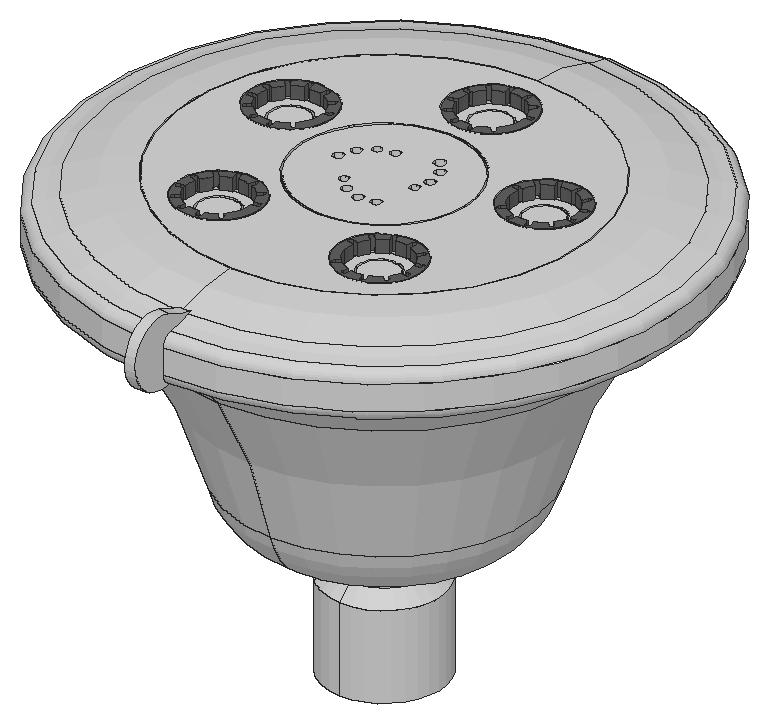
Revit family "S-3011", category Plumbing Equipment, host Face, Revit 2023
Family settings
  Host = Face
  Round Connector Dimension = Use Diameter
  Classification = None
  Part Type = Normal
  Cut with Voids When Loaded = No
  Maintain Annotation Orientation = No
  Shared = No
  Room Calculation Point = No
Parameters
  Nozzle = Rubber
  Material = Steel
  Default Elevation = 4' - 0"
Reference planes (in)
  plane 1 "Center (Front/Back)": y = 0
  plane 2: z = 0
  plane 3 "Center (Left/Right)": x = 0
  plane 4: z = 3.5
  plane 5: x = 2.25
  plane 6: x = -2.25
  plane 7: y = -2.25
  plane 8: y = 2.25
Forms (in)
  Revolve 1, solid, material "Steel" <- "Material"
    sketch origin (0, 0, 0) x (0, 1, 0) y (0, 0, 1)
      loop
        line (0.40547, 0) -> (0.43672, 0) -> (0.43672, 0.65662) -> (0.33333, 0.76001) -> (0.33333, 0.82536) -> (0.43672, 0.97123) -> (0.54599, 0.97123)
        arc (0.54599, 0.97123) -> (0.90985, 1.09652) -> (1.11944, 1.41926) r 0.59101
        arc (1.11944, 1.41926) -> (1.3323, 2.03746) -> (1.64928, 2.60931) r 3.7509
        arc (1.64928, 2.60931) -> (1.85327, 2.83592) -> (2.11178, 2.99758) r 1.09627
        line (2.11178, 2.99758) -> (2.16466, 2.99758)
        arc (2.16466, 2.99758) -> (2.225, 3.02257) -> (2.25, 3.08292) r 0.08534
        line (2.25, 3.08292) -> (2.25, 3.27717)
        arc (2.25, 3.27717) -> (2.22921, 3.333) -> (2.17696, 3.36162) r 0.08534
        arc (2.17696, 3.36162) -> (2.09, 3.37831) -> (2.00588, 3.40596) r 0.6924
        arc (2.00588, 3.40596) -> (1.76426, 3.47628) -> (1.51374, 3.5) r 1.33474
        line (1.51374, 3.5) -> (1.51374, 3) -> (0, 3) -> (0, 0.5) -> (0.40547, 0.5) -> (0.40547, 0)
      axis (0, 0) -> (0, 3.5)
    angle from 0 to 360
  Extrusion 2, solid, material "Steel" <- "Material"
    sketch origin (0, -4.67697, 3.5) x (0, -1, 0) y (1, 0, 0)
      loop
        circle (-4.67697, 0) r 1.51374
      loop
        circle (-5.00311, 1.00376) r 0.31496
      loop
        circle (-5.00311, -1.00376) r 0.31496
      loop
        circle (-5.73238, 0) r 0.31496
      loop
        circle (-3.83408, -0.63516) r 0.31496
      loop
        circle (-3.83408, 0.63516) r 0.31496
    from -0.5 to 0
  Extrusion 3, void
    sketch origin (0, -4.67697, 3.5) x (1, 0, 0) y (0, -1, 0)
      loop
        circle (0, -4.67697) r 0.64854
      loop
        circle (0, -4.67697) r 0.63291
      loop
        circle (0.18063, -5.00392) r 0.04348
      loop
        circle (0.2577, -4.90881) r 0.04
      loop
        circle (0.28558, -4.77434) r 0.0384
      loop
        circle (0.25524, -4.6612) r 0.03608
      loop
        circle (0.18145, -4.37095) r 0.03824
      loop
        circle (0.05621, -4.34841) r 0.03993
      loop
        circle (-0.06534, -4.39063) r 0.03869
      loop
        circle (-0.15717, -4.47672) r 0.03537
      loop
        circle (-0.36841, -4.68445) r 0.03935
      loop
        circle (-0.31935, -4.80306) r 0.03842
      loop
        circle (-0.22716, -4.89416) r 0.03416
      loop
        circle (-0.10856, -4.92435) r 0.03698
    from 0 to 0.1551
  Extrusion 4, solid, material "Steel" <- "Material"
    sketch origin (0, -4.67697, 3.33537) x (1, 0, 0) y (0, 1, 0)
      loop
        circle (1.00376, 5.00311) r 0.15566
      loop
        circle (1.00376, 5.00311) r 0.23622
      loop
        circle (1.00376, 5.00311) r 0.14004
    from 0.00954 to 0.07059
  Extrusion 5, solid, material "Rubber" <- "Nozzle"
    sketch origin (0, -4.67697, 3.33537) x (1, 0, 0) y (0, 1, 0)
      loop
        circle (1.00376, 5.00311) r 0.31496
      loop
        arc (1.22162, 5.0944) -> (1.20182, 5.13184) -> (1.17565, 5.16513) r 0.23622
        line (1.17565, 5.16513) -> (1.20301, 5.19552)
        arc (1.20301, 5.19552) -> (1.20156, 5.2231) -> (1.17398, 5.22165) r 0.01953
        line (1.17398, 5.22165) -> (1.1466, 5.19124)
        arc (1.1466, 5.19124) -> (1.11075, 5.21371) -> (1.07146, 5.22942) r 0.23622
        line (1.07146, 5.22942) -> (1.08002, 5.26968)
        arc (1.08002, 5.26968) -> (1.06498, 5.29285) -> (1.04181, 5.2778) r 0.01953
        line (1.04181, 5.2778) -> (1.03324, 5.23748)
        arc (1.03324, 5.23748) -> (0.99101, 5.23898) -> (0.94918, 5.23294) r 0.23622
        line (0.94918, 5.23294) -> (0.93655, 5.27183)
        arc (0.93655, 5.27183) -> (0.91194, 5.28437) -> (0.8994, 5.25976) r 0.01953
        line (0.8994, 5.25976) -> (0.91205, 5.2208)
        arc (0.91205, 5.2208) -> (0.87478, 5.20101) -> (0.84162, 5.1749) r 0.23622
        line (0.84162, 5.1749) -> (0.81084, 5.20261)
        arc (0.81084, 5.20261) -> (0.78326, 5.20117) -> (0.7847, 5.17358) r 0.01953
        line (0.7847, 5.17358) -> (0.81553, 5.14583)
        arc (0.81553, 5.14583) -> (0.79315, 5.1101) -> (0.77749, 5.07096) r 0.23622
        line (0.77749, 5.07096) -> (0.73616, 5.07974)
        arc (0.73616, 5.07974) -> (0.71299, 5.0647) -> (0.72803, 5.04154) r 0.01953
        line (0.72803, 5.04154) -> (0.7694, 5.03274)
        arc (0.7694, 5.03274) -> (0.76841, 4.98277) -> (0.77796, 4.93371) r 0.23622
        arc (0.77796, 4.93371) -> (0.79949, 4.88448) -> (0.83158, 4.84138) r 0.23622
        line (0.83158, 4.84138) -> (0.80432, 4.81111)
        arc (0.80432, 4.81111) -> (0.80577, 4.78352) -> (0.83335, 4.78497) r 0.01953
        line (0.83335, 4.78497) -> (0.86059, 4.81522)
        arc (0.86059, 4.81522) -> (0.89626, 4.79276) -> (0.93537, 4.777) r 0.23622
        line (0.93537, 4.777) -> (0.92671, 4.73629)
        arc (0.92671, 4.73629) -> (0.94176, 4.71313) -> (0.96492, 4.72817) r 0.01953
        line (0.96492, 4.72817) -> (0.97356, 4.76882)
        arc (0.97356, 4.76882) -> (1.01574, 4.76719) -> (1.05753, 4.77309) r 0.23622
        line (1.05753, 4.77309) -> (1.07036, 4.7336)
        arc (1.07036, 4.7336) -> (1.09497, 4.72106) -> (1.10751, 4.74567) r 0.01953
        line (1.10751, 4.74567) -> (1.0947, 4.78509)
        arc (1.0947, 4.78509) -> (1.13209, 4.80479) -> (1.16537, 4.83083) r 0.23622
        line (1.16537, 4.83083) -> (1.19583, 4.8034)
        arc (1.19583, 4.8034) -> (1.22341, 4.80485) -> (1.22197, 4.83243) r 0.01953
        line (1.22197, 4.83243) -> (1.19155, 4.85982)
        arc (1.19155, 4.85982) -> (1.2141, 4.89561) -> (1.2299, 4.93486) r 0.23622
        line (1.2299, 4.93486) -> (1.26934, 4.92648)
        arc (1.26934, 4.92648) -> (1.29251, 4.94152) -> (1.27746, 4.96469) r 0.01953
        line (1.27746, 4.96469) -> (1.23806, 4.97306)
        arc (1.23806, 4.97306) -> (1.23966, 5.01535) -> (1.23369, 5.05725) r 0.23622
        line (1.23369, 5.05725) -> (1.27203, 5.06974)
        arc (1.27203, 5.06974) -> (1.28455, 5.09436) -> (1.25993, 5.10688) r 0.01953
        line (1.25993, 5.10688) -> (1.22162, 5.0944)
    from 0.06203 to 0.16463
  Extrusion 6, solid, material "Steel" <- "Material"
    sketch origin (0, -4.67697, 3.33537) x (-1, 0, 0) y (0, -1, 0)
      loop
        circle (1.00376, -5.00311) r 0.15566
      loop
        circle (1.00376, -5.00311) r 0.23622
      loop
        circle (1.00376, -5.00311) r 0.14004
    from 0.00954 to 0.07059
  Extrusion 7, solid, material "Rubber" <- "Nozzle"
    sketch origin (0, -4.67697, 3.33537) x (-1, 0, 0) y (0, -1, 0)
      loop
        circle (1.00376, -5.00311) r 0.31496
      loop
        line (1.22162, -5.0944) -> (1.25993, -5.10688)
        arc (1.25993, -5.10688) -> (1.28455, -5.09436) -> (1.27203, -5.06974) r 0.01953
        line (1.27203, -5.06974) -> (1.23369, -5.05725)
        arc (1.23369, -5.05725) -> (1.23966, -5.01535) -> (1.23806, -4.97306) r 0.23622
        line (1.23806, -4.97306) -> (1.27746, -4.96469)
        arc (1.27746, -4.96469) -> (1.29251, -4.94152) -> (1.26934, -4.92648) r 0.01953
        line (1.26934, -4.92648) -> (1.2299, -4.93486)
        arc (1.2299, -4.93486) -> (1.2141, -4.89561) -> (1.19155, -4.85982) r 0.23622
        line (1.19155, -4.85982) -> (1.22197, -4.83243)
        arc (1.22197, -4.83243) -> (1.22341, -4.80485) -> (1.19583, -4.8034) r 0.01953
        line (1.19583, -4.8034) -> (1.16537, -4.83083)
        arc (1.16537, -4.83083) -> (1.13209, -4.80479) -> (1.0947, -4.78509) r 0.23622
        line (1.0947, -4.78509) -> (1.10751, -4.74567)
        arc (1.10751, -4.74567) -> (1.09497, -4.72106) -> (1.07036, -4.7336) r 0.01953
        line (1.07036, -4.7336) -> (1.05753, -4.77309)
        arc (1.05753, -4.77309) -> (1.01574, -4.76719) -> (0.97356, -4.76882) r 0.23622
        line (0.97356, -4.76882) -> (0.96492, -4.72817)
        arc (0.96492, -4.72817) -> (0.94176, -4.71313) -> (0.92671, -4.73629) r 0.01953
        line (0.92671, -4.73629) -> (0.93537, -4.777)
        arc (0.93537, -4.777) -> (0.89626, -4.79276) -> (0.86059, -4.81522) r 0.23622
        line (0.86059, -4.81522) -> (0.83335, -4.78497)
        arc (0.83335, -4.78497) -> (0.80577, -4.78352) -> (0.80432, -4.81111) r 0.01953
        line (0.80432, -4.81111) -> (0.83158, -4.84138)
        arc (0.83158, -4.84138) -> (0.79949, -4.88448) -> (0.77796, -4.93371) r 0.23622
        arc (0.77796, -4.93371) -> (0.76841, -4.98277) -> (0.7694, -5.03274) r 0.23622
        line (0.7694, -5.03274) -> (0.72803, -5.04154)
        arc (0.72803, -5.04154) -> (0.71299, -5.0647) -> (0.73616, -5.07974) r 0.01953
        line (0.73616, -5.07974) -> (0.77749, -5.07096)
        arc (0.77749, -5.07096) -> (0.79315, -5.1101) -> (0.81553, -5.14583) r 0.23622
        line (0.81553, -5.14583) -> (0.7847, -5.17358)
        arc (0.7847, -5.17358) -> (0.78326, -5.20117) -> (0.81084, -5.20261) r 0.01953
        line (0.81084, -5.20261) -> (0.84162, -5.1749)
        arc (0.84162, -5.1749) -> (0.87478, -5.20101) -> (0.91205, -5.2208) r 0.23622
        line (0.91205, -5.2208) -> (0.8994, -5.25976)
        arc (0.8994, -5.25976) -> (0.91194, -5.28437) -> (0.93655, -5.27183) r 0.01953
        line (0.93655, -5.27183) -> (0.94918, -5.23294)
        arc (0.94918, -5.23294) -> (0.99101, -5.23898) -> (1.03324, -5.23748) r 0.23622
        line (1.03324, -5.23748) -> (1.04181, -5.2778)
        arc (1.04181, -5.2778) -> (1.06498, -5.29285) -> (1.08002, -5.26968) r 0.01953
        line (1.08002, -5.26968) -> (1.07146, -5.22942)
        arc (1.07146, -5.22942) -> (1.11075, -5.21371) -> (1.1466, -5.19124) r 0.23622
        line (1.1466, -5.19124) -> (1.17398, -5.22165)
        arc (1.17398, -5.22165) -> (1.20156, -5.2231) -> (1.20301, -5.19552) r 0.01953
        line (1.20301, -5.19552) -> (1.17565, -5.16513)
        arc (1.17565, -5.16513) -> (1.20182, -5.13184) -> (1.22162, -5.0944) r 0.23622
    from 0.06203 to 0.16463
  Extrusion 8, solid, material "Steel" <- "Material"
    sketch origin (1.00376, -3.94769, 3.33537) x (-1, 0, 0) y (0, -1, 0)
      loop
        circle (1.00376, -5.00311) r 0.15566
      loop
        circle (1.00376, -5.00311) r 0.23622
      loop
        circle (1.00376, -5.00311) r 0.14004
    from 0.00954 to 0.07059
  Extrusion 9, solid, material "Rubber" <- "Nozzle"
    sketch origin (1.00376, -3.94769, 3.33537) x (-1, 0, 0) y (0, -1, 0)
      loop
        circle (1.00376, -5.00311) r 0.31496
      loop
        line (1.22162, -5.0944) -> (1.25993, -5.10688)
        arc (1.25993, -5.10688) -> (1.28455, -5.09436) -> (1.27203, -5.06974) r 0.01953
        line (1.27203, -5.06974) -> (1.23369, -5.05725)
        arc (1.23369, -5.05725) -> (1.23966, -5.01535) -> (1.23806, -4.97306) r 0.23622
        line (1.23806, -4.97306) -> (1.27746, -4.96469)
        arc (1.27746, -4.96469) -> (1.29251, -4.94152) -> (1.26934, -4.92648) r 0.01953
        line (1.26934, -4.92648) -> (1.2299, -4.93486)
        arc (1.2299, -4.93486) -> (1.2141, -4.89561) -> (1.19155, -4.85982) r 0.23622
        line (1.19155, -4.85982) -> (1.22197, -4.83243)
        arc (1.22197, -4.83243) -> (1.22341, -4.80485) -> (1.19583, -4.8034) r 0.01953
        line (1.19583, -4.8034) -> (1.16537, -4.83083)
        arc (1.16537, -4.83083) -> (1.13209, -4.80479) -> (1.0947, -4.78509) r 0.23622
        line (1.0947, -4.78509) -> (1.10751, -4.74567)
        arc (1.10751, -4.74567) -> (1.09497, -4.72106) -> (1.07036, -4.7336) r 0.01953
        line (1.07036, -4.7336) -> (1.05753, -4.77309)
        arc (1.05753, -4.77309) -> (1.01574, -4.76719) -> (0.97356, -4.76882) r 0.23622
        line (0.97356, -4.76882) -> (0.96492, -4.72817)
        arc (0.96492, -4.72817) -> (0.94176, -4.71313) -> (0.92671, -4.73629) r 0.01953
        line (0.92671, -4.73629) -> (0.93537, -4.777)
        arc (0.93537, -4.777) -> (0.89626, -4.79276) -> (0.86059, -4.81522) r 0.23622
        line (0.86059, -4.81522) -> (0.83335, -4.78497)
        arc (0.83335, -4.78497) -> (0.80577, -4.78352) -> (0.80432, -4.81111) r 0.01953
        line (0.80432, -4.81111) -> (0.83158, -4.84138)
        arc (0.83158, -4.84138) -> (0.79949, -4.88448) -> (0.77796, -4.93371) r 0.23622
        arc (0.77796, -4.93371) -> (0.76841, -4.98277) -> (0.7694, -5.03274) r 0.23622
        line (0.7694, -5.03274) -> (0.72803, -5.04154)
        arc (0.72803, -5.04154) -> (0.71299, -5.0647) -> (0.73616, -5.07974) r 0.01953
        line (0.73616, -5.07974) -> (0.77749, -5.07096)
        arc (0.77749, -5.07096) -> (0.79315, -5.1101) -> (0.81553, -5.14583) r 0.23622
        line (0.81553, -5.14583) -> (0.7847, -5.17358)
        arc (0.7847, -5.17358) -> (0.78326, -5.20117) -> (0.81084, -5.20261) r 0.01953
        line (0.81084, -5.20261) -> (0.84162, -5.1749)
        arc (0.84162, -5.1749) -> (0.87478, -5.20101) -> (0.91205, -5.2208) r 0.23622
        line (0.91205, -5.2208) -> (0.8994, -5.25976)
        arc (0.8994, -5.25976) -> (0.91194, -5.28437) -> (0.93655, -5.27183) r 0.01953
        line (0.93655, -5.27183) -> (0.94918, -5.23294)
        arc (0.94918, -5.23294) -> (0.99101, -5.23898) -> (1.03324, -5.23748) r 0.23622
        line (1.03324, -5.23748) -> (1.04181, -5.2778)
        arc (1.04181, -5.2778) -> (1.06498, -5.29285) -> (1.08002, -5.26968) r 0.01953
        line (1.08002, -5.26968) -> (1.07146, -5.22942)
        arc (1.07146, -5.22942) -> (1.11075, -5.21371) -> (1.1466, -5.19124) r 0.23622
        line (1.1466, -5.19124) -> (1.17398, -5.22165)
        arc (1.17398, -5.22165) -> (1.20156, -5.2231) -> (1.20301, -5.19552) r 0.01953
        line (1.20301, -5.19552) -> (1.17565, -5.16513)
        arc (1.17565, -5.16513) -> (1.20182, -5.13184) -> (1.22162, -5.0944) r 0.23622
    from 0.06203 to 0.16463
  Extrusion 10, solid, material "Steel" <- "Material"
    sketch origin (0.36859, -5.846, 3.33537) x (-1, 0, 0) y (0, -1, 0)
      loop
        circle (1.00376, -5.00311) r 0.15566
      loop
        circle (1.00376, -5.00311) r 0.23622
      loop
        circle (1.00376, -5.00311) r 0.14004
    from 0.00954 to 0.07059
  Extrusion 11, solid, material "Rubber" <- "Nozzle"
    sketch origin (0.36859, -5.846, 3.33537) x (-1, 0, 0) y (0, -1, 0)
      loop
        circle (1.00376, -5.00311) r 0.31496
      loop
        line (1.22162, -5.0944) -> (1.25993, -5.10688)
        arc (1.25993, -5.10688) -> (1.28455, -5.09436) -> (1.27203, -5.06974) r 0.01953
        line (1.27203, -5.06974) -> (1.23369, -5.05725)
        arc (1.23369, -5.05725) -> (1.23966, -5.01535) -> (1.23806, -4.97306) r 0.23622
        line (1.23806, -4.97306) -> (1.27746, -4.96469)
        arc (1.27746, -4.96469) -> (1.29251, -4.94152) -> (1.26934, -4.92648) r 0.01953
        line (1.26934, -4.92648) -> (1.2299, -4.93486)
        arc (1.2299, -4.93486) -> (1.2141, -4.89561) -> (1.19155, -4.85982) r 0.23622
        line (1.19155, -4.85982) -> (1.22197, -4.83243)
        arc (1.22197, -4.83243) -> (1.22341, -4.80485) -> (1.19583, -4.8034) r 0.01953
        line (1.19583, -4.8034) -> (1.16537, -4.83083)
        arc (1.16537, -4.83083) -> (1.13209, -4.80479) -> (1.0947, -4.78509) r 0.23622
        line (1.0947, -4.78509) -> (1.10751, -4.74567)
        arc (1.10751, -4.74567) -> (1.09497, -4.72106) -> (1.07036, -4.7336) r 0.01953
        line (1.07036, -4.7336) -> (1.05753, -4.77309)
        arc (1.05753, -4.77309) -> (1.01574, -4.76719) -> (0.97356, -4.76882) r 0.23622
        line (0.97356, -4.76882) -> (0.96492, -4.72817)
        arc (0.96492, -4.72817) -> (0.94176, -4.71313) -> (0.92671, -4.73629) r 0.01953
        line (0.92671, -4.73629) -> (0.93537, -4.777)
        arc (0.93537, -4.777) -> (0.89626, -4.79276) -> (0.86059, -4.81522) r 0.23622
        line (0.86059, -4.81522) -> (0.83335, -4.78497)
        arc (0.83335, -4.78497) -> (0.80577, -4.78352) -> (0.80432, -4.81111) r 0.01953
        line (0.80432, -4.81111) -> (0.83158, -4.84138)
        arc (0.83158, -4.84138) -> (0.79949, -4.88448) -> (0.77796, -4.93371) r 0.23622
        arc (0.77796, -4.93371) -> (0.76841, -4.98277) -> (0.7694, -5.03274) r 0.23622
        line (0.7694, -5.03274) -> (0.72803, -5.04154)
        arc (0.72803, -5.04154) -> (0.71299, -5.0647) -> (0.73616, -5.07974) r 0.01953
        line (0.73616, -5.07974) -> (0.77749, -5.07096)
        arc (0.77749, -5.07096) -> (0.79315, -5.1101) -> (0.81553, -5.14583) r 0.23622
        line (0.81553, -5.14583) -> (0.7847, -5.17358)
        arc (0.7847, -5.17358) -> (0.78326, -5.20117) -> (0.81084, -5.20261) r 0.01953
        line (0.81084, -5.20261) -> (0.84162, -5.1749)
        arc (0.84162, -5.1749) -> (0.87478, -5.20101) -> (0.91205, -5.2208) r 0.23622
        line (0.91205, -5.2208) -> (0.8994, -5.25976)
        arc (0.8994, -5.25976) -> (0.91194, -5.28437) -> (0.93655, -5.27183) r 0.01953
        line (0.93655, -5.27183) -> (0.94918, -5.23294)
        arc (0.94918, -5.23294) -> (0.99101, -5.23898) -> (1.03324, -5.23748) r 0.23622
        line (1.03324, -5.23748) -> (1.04181, -5.2778)
        arc (1.04181, -5.2778) -> (1.06498, -5.29285) -> (1.08002, -5.26968) r 0.01953
        line (1.08002, -5.26968) -> (1.07146, -5.22942)
        arc (1.07146, -5.22942) -> (1.11075, -5.21371) -> (1.1466, -5.19124) r 0.23622
        line (1.1466, -5.19124) -> (1.17398, -5.22165)
        arc (1.17398, -5.22165) -> (1.20156, -5.2231) -> (1.20301, -5.19552) r 0.01953
        line (1.20301, -5.19552) -> (1.17565, -5.16513)
        arc (1.17565, -5.16513) -> (1.20182, -5.13184) -> (1.22162, -5.0944) r 0.23622
    from 0.06203 to 0.16463
  Extrusion 12, solid, material "Steel" <- "Material"
    sketch origin (-0.36859, -5.846, 3.33537) x (1, 0, 0) y (0, 1, 0)
      loop
        circle (1.00376, 5.00311) r 0.15566
      loop
        circle (1.00376, 5.00311) r 0.23622
      loop
        circle (1.00376, 5.00311) r 0.14004
    from 0.00954 to 0.07059
  Extrusion 13, solid, material "Rubber" <- "Nozzle"
    sketch origin (-0.36859, -5.846, 3.33537) x (1, 0, 0) y (0, 1, 0)
      loop
        circle (1.00376, 5.00311) r 0.31496
      loop
        arc (1.22162, 5.0944) -> (1.20182, 5.13184) -> (1.17565, 5.16513) r 0.23622
        line (1.17565, 5.16513) -> (1.20301, 5.19552)
        arc (1.20301, 5.19552) -> (1.20156, 5.2231) -> (1.17398, 5.22165) r 0.01953
        line (1.17398, 5.22165) -> (1.1466, 5.19124)
        arc (1.1466, 5.19124) -> (1.11075, 5.21371) -> (1.07146, 5.22942) r 0.23622
        line (1.07146, 5.22942) -> (1.08002, 5.26968)
        arc (1.08002, 5.26968) -> (1.06498, 5.29285) -> (1.04181, 5.2778) r 0.01953
        line (1.04181, 5.2778) -> (1.03324, 5.23748)
        arc (1.03324, 5.23748) -> (0.99101, 5.23898) -> (0.94918, 5.23294) r 0.23622
        line (0.94918, 5.23294) -> (0.93655, 5.27183)
        arc (0.93655, 5.27183) -> (0.91194, 5.28437) -> (0.8994, 5.25976) r 0.01953
        line (0.8994, 5.25976) -> (0.91205, 5.2208)
        arc (0.91205, 5.2208) -> (0.87478, 5.20101) -> (0.84162, 5.1749) r 0.23622
        line (0.84162, 5.1749) -> (0.81084, 5.20261)
        arc (0.81084, 5.20261) -> (0.78326, 5.20117) -> (0.7847, 5.17358) r 0.01953
        line (0.7847, 5.17358) -> (0.81553, 5.14583)
        arc (0.81553, 5.14583) -> (0.79315, 5.1101) -> (0.77749, 5.07096) r 0.23622
        line (0.77749, 5.07096) -> (0.73616, 5.07974)
        arc (0.73616, 5.07974) -> (0.71299, 5.0647) -> (0.72803, 5.04154) r 0.01953
        line (0.72803, 5.04154) -> (0.7694, 5.03274)
        arc (0.7694, 5.03274) -> (0.76841, 4.98277) -> (0.77796, 4.93371) r 0.23622
        arc (0.77796, 4.93371) -> (0.79949, 4.88448) -> (0.83158, 4.84138) r 0.23622
        line (0.83158, 4.84138) -> (0.80432, 4.81111)
        arc (0.80432, 4.81111) -> (0.80577, 4.78352) -> (0.83335, 4.78497) r 0.01953
        line (0.83335, 4.78497) -> (0.86059, 4.81522)
        arc (0.86059, 4.81522) -> (0.89626, 4.79276) -> (0.93537, 4.777) r 0.23622
        line (0.93537, 4.777) -> (0.92671, 4.73629)
        arc (0.92671, 4.73629) -> (0.94176, 4.71313) -> (0.96492, 4.72817) r 0.01953
        line (0.96492, 4.72817) -> (0.97356, 4.76882)
        arc (0.97356, 4.76882) -> (1.01574, 4.76719) -> (1.05753, 4.77309) r 0.23622
        line (1.05753, 4.77309) -> (1.07036, 4.7336)
        arc (1.07036, 4.7336) -> (1.09497, 4.72106) -> (1.10751, 4.74567) r 0.01953
        line (1.10751, 4.74567) -> (1.0947, 4.78509)
        arc (1.0947, 4.78509) -> (1.13209, 4.80479) -> (1.16537, 4.83083) r 0.23622
        line (1.16537, 4.83083) -> (1.19583, 4.8034)
        arc (1.19583, 4.8034) -> (1.22341, 4.80485) -> (1.22197, 4.83243) r 0.01953
        line (1.22197, 4.83243) -> (1.19155, 4.85982)
        arc (1.19155, 4.85982) -> (1.2141, 4.89561) -> (1.2299, 4.93486) r 0.23622
        line (1.2299, 4.93486) -> (1.26934, 4.92648)
        arc (1.26934, 4.92648) -> (1.29251, 4.94152) -> (1.27746, 4.96469) r 0.01953
        line (1.27746, 4.96469) -> (1.23806, 4.97306)
        arc (1.23806, 4.97306) -> (1.23966, 5.01535) -> (1.23369, 5.05725) r 0.23622
        line (1.23369, 5.05725) -> (1.27203, 5.06974)
        arc (1.27203, 5.06974) -> (1.28455, 5.09436) -> (1.25993, 5.10688) r 0.01953
        line (1.25993, 5.10688) -> (1.22162, 5.0944)
    from 0.06203 to 0.16463
  Extrusion 14, solid, material "Steel" <- "Material"
    sketch origin (0, 0, 0) x (0, 1, 0) y (0, 0, 1)
      loop
        arc (-1.96328, 3.41241) -> (-2.07469, 3.4422) -> (-2.18041, 3.48828) r 0.77087
        arc (-2.18041, 3.48828) -> (-2.51707, 3.23578) -> (-2.1675, 3.00147) r 0.25798
        line (-2.1675, 3.00147) -> (-2.1675, 3.33402) -> (-1.96328, 3.41241)
    from -0.0396 to 0.04519
Cuts and joins
  Extrusion 3 cuts Extrusion 2
Lines and regions (in)
  symbolic lines, not visible
    curve 1: line (0, 0, 0) -> (0, -0.88388, -0.88388)
    curve 2: line (0, -0.88388, -0.88388) -> (0, -1.7325, -0.88388)
    curve 3: line (0, 0, 0) -> (0, -0.0647, -0.24148)
    curve 4: line (0, 0, 0) -> (0, -0.24148, -0.0647)
Text (in)
  text "⌀" at (1.32084, 0, 7.45906), in view "Back"
  text "⌀" at (-1.69253, 3.51667, -1.34427), in view "Ref. Level"
  text "1/2\" FNPT INLET" at (-2.20965, 0, -0.67985), in view "Back"
  text "1/2\" FNPT INLET" at (0, -5.88486, -0.56784), in view "Right"
  text "1/2\" FNPT INLET" at (0, -1.88833, -0.55019), in view "Left"
  text "⌀" at (-1.34427, -1.62317, 4.90436), in view "Right"
  text "⌀" at (1.34427, 1.57127, 4.86655), in view "Left"
Dimensions and locks (in)
  plane 6 to plane 5 = 0' - 4 1/2"
  cut or joined group of Extrusion 2, Extrusion 3 to Revolve 1 = 0' - 3 1/2"  (x2)
  plane 7 to plane 8 = 0' - 4 1/2"
  plane 8 to plane 7 = 0' - 4 1/2"
  aligned and locked: plane 2 to host face
  aligned and locked: level to host face
